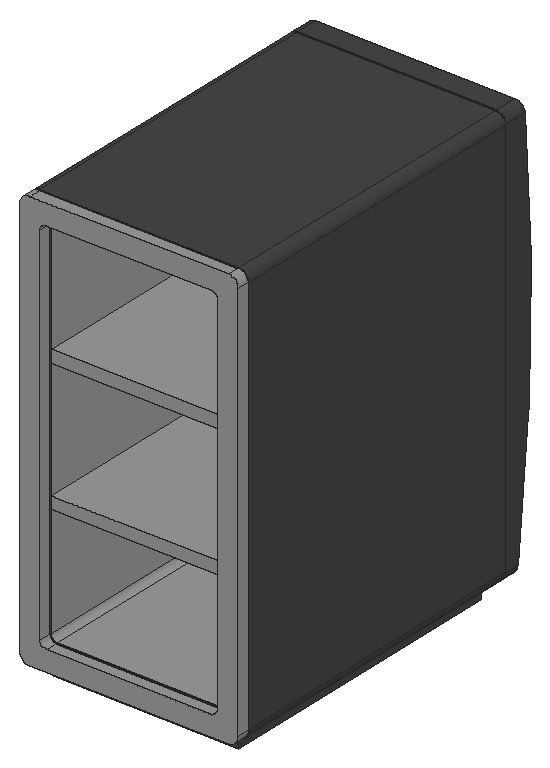
Revit family "Franke_Cup_warmer_A-Series-A200(EU,CH,GB)", category Specialty Equipment, Revit 2015
Parameters (values of type "Cup warmer A-Series-A200(220-240V/anthracite/EU,CH,GB)")
  Watts max. = 130 W
  Volts max. = 240 V
  URL = "https://www.franke.com/main/en/cs/products/product-search.html"
  Depth (mm) = 453 mm
  Volts min. = 220 V
  Max Overcurrent Protection = "-"
  Cycle Alternative = 60 Hz
  Cycle = 50 Hz
  Model = "410892 - Cup warmer A-Series - A200"
  Watts min. = 110 W
  Cost = 0
  Height (mm) = 544 mm
  Manufacturer = "Franke"
  Energy loss acc. to DIN 18873 = "-"
  Width (mm) = 270 mm
  Description = "A-Series key module  Cup warmer"
  Assembly Code = "key module  Cup warmer "
  Keynote = "key module  Cup warmer"
  Weight = "20 kg"
  Number of Poles = 1
  Number of Protective Conductors = "1"
  Number of Nutral Conductors = "1"
  Capacity = "up to 120 cups"
  Frontcover = Franke Anthracite
Types (3, lengths in mm): name | Frontcover
  (no name) | Franke Anthracite
  Cup warmer A-Series-A200(220-240V/black line/EU,CH,GB) | Franke Black
  Cup warmer A-Series-A200(220-240V/anthracite/EU,CH,GB) | Franke Anthracite
Reference planes
  plane 1 "Mitte (Vorne/Hinten)": y = 0
  plane 2: z = 0
  plane 3 "Mitte (Links/Rechts)": x = 0
Forms (mm)
  Extrusion 1, solid, material "Franke Anthracite" <- "Frontcover"
    sketch origin (0, 0, -41) x (1, 0, 0) y (0, 0, 1)
      loop
        line (123, 585) -> (-123, 585)
        arc (-123, 585) -> (-131.485, 581.485) -> (-135, 573) r 12
        line (-135, 573) -> (-135, 77)
        arc (-135, 77) -> (-131.485, 68.515) -> (-123, 65) r 12
        line (-123, 65) -> (-85, 65) -> (85, 65) -> (123, 65)
        arc (123, 65) -> (131.485, 68.515) -> (135, 77) r 12
        line (135, 77) -> (135, 573)
        arc (135, 573) -> (131.485, 581.485) -> (123, 585) r 12
      loop
        arc (102, 90) -> (107.657, 92.343) -> (110, 98) r 8
        line (110, 98) -> (110, 552)
        arc (110, 552) -> (107.657, 557.657) -> (102, 560) r 8
        line (102, 560) -> (-102, 560)
        arc (-102, 560) -> (-107.657, 557.657) -> (-110, 552) r 8
        line (-110, 552) -> (-110, 98)
        arc (-110, 98) -> (-107.657, 92.343) -> (-102, 90) r 8
        line (-102, 90) -> (102, 90)
    from 199.53 to 214.53
  Extrusion 2, solid, material "Franke Black"
    sketch origin (0, 0, -41) x (1, 0, 0) y (0, 0, 1)
      loop
        line (123, 585) -> (-123, 585)
        arc (-123, 585) -> (-131.485, 581.485) -> (-135, 573) r 12
        line (-135, 573) -> (-135, 77)
        arc (-135, 77) -> (-131.485, 68.515) -> (-123, 65) r 12
        line (-123, 65) -> (123, 65)
        arc (123, 65) -> (131.485, 68.515) -> (135, 77) r 12
        line (135, 77) -> (135, 573)
        arc (135, 573) -> (131.485, 581.485) -> (123, 585) r 12
      loop
        line (115, 565) -> (-115, 565) -> (-115, 85) -> (115, 85) -> (115, 565)
    from -198.03 to 198.03
  Extrusion 3, solid, material "Franke Black"
    sketch origin (0, 0, -41) x (0, 1, 0) y (0, 0, 1)
      loop
        line (186.97, 65) -> (-188.03, 65) -> (-188.03, 45) -> (186.97, 45) -> (186.97, 65)
    from -114 to 114
  Extrusion 4, solid, material "Franke Black"
    sketch origin (0, 0, -41) x (0, 1, 0) y (0, 0, 1)
      loop
        line (199.53, 585) -> (199.53, 65) -> (216.03, 65)
        arc (216.03, 65) -> (224.982, 150.997) -> (233.478, 237.039) r 16328.175
        arc (233.478, 237.039) -> (233.864, 241.879) -> (234.093, 246.728) r 150
        arc (234.093, 246.728) -> (236.227, 326.074) -> (237.701, 405.435) r 9548.581
        arc (237.701, 405.435) -> (237.699, 406.999) -> (237.648, 408.563) r 50
        arc (237.648, 408.563) -> (233.118, 496.797) -> (228.03, 585) r 14002.549
        line (228.03, 585) -> (199.53, 585)
    from -135 to 135
  Extrusion 5, void
    sketch origin (0, 0, -41) x (1, 0, 0) y (0, 0, 1)
      loop
        line (-123, 585) -> (-123, 595) -> (-145, 595) -> (-145, 573) -> (-135, 573)
        arc (-135, 573) -> (-131.485, 581.485) -> (-123, 585) r 12
      loop
        arc (123, 585) -> (131.485, 581.485) -> (135, 573) r 12
        line (135, 573) -> (145, 573) -> (145, 595) -> (123, 595) -> (123, 585)
      loop
        arc (-123, 65) -> (-131.485, 68.515) -> (-135, 77) r 12
        line (-135, 77) -> (-145, 77) -> (-145, 55) -> (-123, 55) -> (-123, 65)
      loop
        line (123, 65) -> (123, 55) -> (145, 55) -> (145, 77) -> (135, 77)
        arc (135, 77) -> (131.485, 68.515) -> (123, 65) r 12
    from -305.226 to 299.817
  Extrusion 6, solid, material "Franke Black"
    sketch origin (0, 0, -41) x (1, 0, 0) y (0, 1, 0)
      loop
        line (-107.5, 117.97) -> (-107.5, 96.52) -> (-90.75, 96.52) -> (-90.75, 117.97) -> (-107.5, 117.97)
      loop
        line (90.75, 117.97) -> (90.75, 96.52) -> (107.5, 96.52) -> (107.5, 117.97) -> (90.75, 117.97)
      loop
        line (-107.5, -97.58) -> (-107.5, -119.03) -> (-90.75, -119.03) -> (-90.75, -97.58) -> (-107.5, -97.58)
      loop
        line (90.75, -97.58) -> (90.75, -119.03) -> (107.5, -119.03) -> (107.5, -97.58) -> (90.75, -97.58)
    from 41 to 45
  Extrusion 7, solid, material "Franke Black"
    sketch origin (0, 0, -41) x (1, 0, 0) y (0, 0, 1)
      loop
        line (-120, 65) -> (120, 65) -> (120, 575) -> (-120, 575) -> (-120, 65)
      loop
        arc (-102, 560) -> (-107.657, 557.657) -> (-110, 552) r 8
        line (-110, 552) -> (-110, 98)
        arc (-110, 98) -> (-107.657, 92.343) -> (-102, 90) r 8
        line (-102, 90) -> (102, 90)
        arc (102, 90) -> (107.657, 92.343) -> (110, 98) r 8
        line (110, 98) -> (110, 552)
        arc (110, 552) -> (107.657, 557.657) -> (102, 560) r 8
        line (102, 560) -> (-102, 560)
    from 198.03 to 199.53
  Extrusion 8, solid, material "Franke Black"
    sketch origin (0, 397.56, -41) x (1, 0, 0) y (0, 0, 1)
      loop
        line (-120, 65) -> (120, 65) -> (120, 575) -> (-120, 575) -> (-120, 65)
    from 198.03 to 199.53
  Extrusion 9, solid, material "Franke Stainless Steel"
    sketch origin (0, 0, 0) x (1, 0, 0) y (0, 0, 1)
      loop
        line (-110, 372) -> (-110, 357) -> (110, 357) -> (110, 372) -> (-110, 372)
      loop
        line (-110, 210) -> (-110, 195) -> (110, 195) -> (110, 210) -> (-110, 210)
    from -190.97 to 198.03
  Extrusion 10, solid, material "Franke Stainless Steel"
    sketch origin (0, 0, 0) x (1, 0, 0) y (0, 0, 1)
      loop
        arc (-102, 519) -> (-107.657, 516.657) -> (-110, 511) r 8
        line (-110, 511) -> (-110, 57)
        arc (-110, 57) -> (-107.657, 51.343) -> (-102, 49) r 8
        line (-102, 49) -> (102, 49)
        arc (102, 49) -> (107.657, 51.343) -> (110, 57) r 8
        line (110, 57) -> (110, 511)
        arc (110, 511) -> (107.657, 516.657) -> (102, 519) r 8
        line (102, 519) -> (-102, 519)
    from -198.03 to -190.97
  Extrusion 11, solid, material "Franke Stainless Steel"
    sketch origin (0, 0, 0) x (1, 0, 0) y (0, 0, 1)
      loop
        line (-115, 524) -> (-115, 44) -> (115, 44) -> (115, 524) -> (-115, 524)
      loop
        arc (-102, 519) -> (-107.657, 516.657) -> (-110, 511) r 8
        line (-110, 511) -> (-110, 57)
        arc (-110, 57) -> (-107.657, 51.343) -> (-102, 49) r 8
        line (-102, 49) -> (102, 49)
        arc (102, 49) -> (107.657, 51.343) -> (110, 57) r 8
        line (110, 57) -> (110, 511)
        arc (110, 511) -> (107.657, 516.657) -> (102, 519) r 8
        line (102, 519) -> (-102, 519)
    from -190.97 to 198.03
  Extrusion 12, solid, material "Franke Chrome"
    sketch origin (0, 0, -41) x (1, 0, 0) y (0, 1, 0)
      loop
        circle (0, 146.221) r 2.5
    from 41 to 45
  Extrusion 13, void
    sketch origin (0, 0, -41) x (1, 0, 0) y (0, 1, 0)
      loop
        circle (-92.493, -139.31) r 16
      loop
        circle (92.493, -139.31) r 16
      loop
        circle (-92.493, 138.104) r 16
      loop
        circle (92.493, 138.104) r 16
    from 5 to 50
Cuts and joins
  Extrusion 13 cuts Extrusion 3
  Extrusion 5 cuts Extrusion 4
Dimensions and locks
  aligned and locked: level to plane 2
Connectors
  electrical at (0, 146.221, 0), driven by "Volts min.", driven by "Number of Poles"
    settings: on Extrusion 12, index 2, voltage 220 V, apparent load 0 VA, apparent load phase1 0 VA, apparent load phase2 0 VA, apparent load phase3 0 VA, power factor 1, load classification "Strom", number of poles 1, system type 31, power factor state 1, is connector primary yes, connector utility no, sub classification motor no, connector description ""
